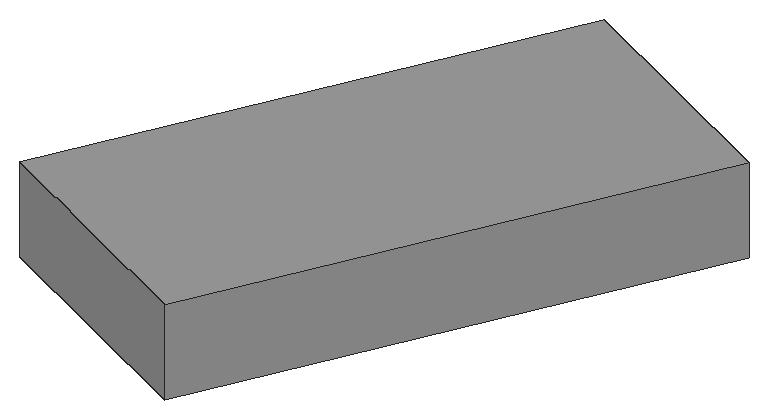
Revit family "1.KCPD_BTL TRU", category Generic Models, Revit 2027
Family settings
  Can host rebar = No
  Round Connector Dimension = Use Diameter
  Part Type = Normal
  Work Plane-Based = No
  Always vertical = Yes
  Cut with Voids When Loaded = No
  Maintain Annotation Orientation = No
  Shared = No
  Room Calculation Point = No
Parameters
  Đơn vị = "CẤU KIỆN"
  RebarVolumn [instance] = ""
  BTL_L [instance] = 15000 mm
  BTL_W [instance] = 7500 mm
  Tên nhóm cấu kiện [instance] = ""
  Tên cấu kiện [instance] = ""
  Tên công trình [instance] = ""
  Thời gian kết thúc [instance] = ""
  Thời gian bắt đầu [instance] = ""
  BTL_H [instance] = 2500 mm
  Nhóm cấu kiện = "TRỤ"
  Mô tả [instance] = ""
  Model Material = BÊ TÔNG C12
  Loại cấu kiện = "BÊ TÔNG LÓT"
  Loại bê tông = "C12"
  Khối lượng bê tông [instance] = 0.00 m³
  Hạng mục = "KẾT CẤU PHẦN DƯỚI"
  Giá trị [instance] = ""
  Diện tích ván khuôn [instance] = 0.00 m²
  Default Elevation = 0 mm
  Công trình = "CẦU"
  Góc xoay [instance] = 25.00°
  A100 [instance] = ""
  A1 [instance] = -BTL_H  # -2500 mm
Reference planes
  plane 1 "Center (Front/Back)": y = 0
  plane 2: z = 0
  plane 3 "Center (Left/Right)": x = 0
Forms (mm)
  Extrusion 1, solid, material "BÊ TÔNG C12" <- "Model Material"
    sketch origin (0, 0, 0) x (0.906308, -0.422618, 0) y (0.422618, 0.906308, 0)
      loop
        line (3750, 7500) -> (-3750, 7500) -> (-3750, -7500) -> (3750, -7500) -> (3750, 7500)
    from -2500 <- "A1" to 0
Lines and regions (mm)
  reference lines
    curve 1: line (0, 0, 0) -> (4531.539, -2113.091, 0)
    curve 2: line (3169.637, 6797.308, 0) -> (7701.176, 4684.217, 0)
    curve 3: line (-3169.637, -6797.308, 0) -> (1361.902, -8910.4, 0)
    curve 4: line (2773.932, -2924.54, 0) -> (4168.572, 66.276, 0)
    curve 5: line (-4023.377, 245.097, 0) -> (-2628.736, 3235.913, 0)
Dimensions and locks
  equal spacing: curve 3, curve 1, curve 2
  "BTL_L": curve 3 to curve 2
  equal spacing: curve 4, curve 1, curve 5
  "BTL_W": curve 4 to curve 5
  "Góc xoay": angle curve 1 to plane 1 "Center (Front/Back)"
  aligned and locked: level to plane 2
  aligned and locked: plane 1 "Center (Front/Back)" to curve 1
  aligned and locked: Extrusion 1 sketch curve to curve 2
  aligned and locked: Extrusion 1 sketch curve to curve 4
  aligned and locked: Extrusion 1 sketch curve to curve 3
  aligned and locked: Extrusion 1 sketch curve to curve 5
Automatic sketch dimensions
  curve 1 to plane 3 "Center (Left/Right)" = 0 mm
  curve 3 to curve 1 = 0 mm  (x2)
  curve 1 to curve 2 = 0 mm  (x2)
  curve 1 to curve 5 = 1478.219 mm
  curve 4 to curve 1 = 1478.219 mm
  curve 1 to curve 4 = 1821.781 mm
  curve 5 to curve 1 = 1821.781 mm
